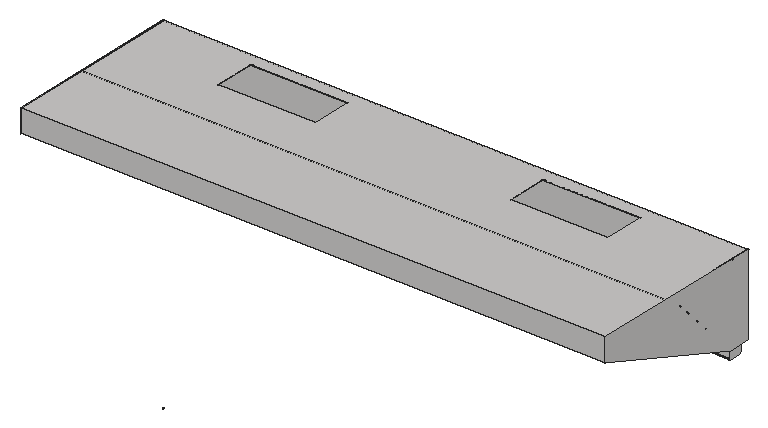
Revit family "QF_ELECTROLUXPROFESSIONAL_642095_MP1136DT", category Specialty Equipment, Revit 2014
Reference planes
  plane 1 "Center (Front/Back)": y = 0
  plane 2: z = 0
  plane 3 "Center (Left/Right)": x = 150
  plane 4 "LEFT": x = -1650
  plane 5 "RIGHT": x = 1950
  plane 6 "BACK": y = 550
  plane 7 "FRONT": y = -550
  plane 8 "Plane": z = 2000
  plane 9 "TOP": z = 2140
  plane 10 "Base": z = 1640
  plane 11: z = 1566
  plane 12 "DrainY": y = 485
  plane 13: x = -1647
  plane 14: through (0, 414.509, 1640.8) normal (0, 0.7314, 0.682)
  plane 15: y = 470
  plane 16: y = 220
  plane 17 "DrainX": x = 1830
  plane 18: x = -450
  plane 19: x = 750
  plane 20: x = -1050
  plane 21: x = 1350
  plane 22: x = 1947
  plane 23: x = 1740
  plane 24: x = 1920
  plane 25: x = -1610
  plane 26: x = -1245
  plane 27: x = -850
  plane 28: x = 1910
  plane 29: x = 1545
  plane 30: x = 1150
  plane 31: x = -47.5
  plane 32: x = 347.5
Forms (mm)
  Extrusion 1, solid, material "QF_Finishes_Stainless Steel"
    sketch origin (-1650, 0, 0) x (0, 1, 0) y (0, 0, 1)
      loop
        line (550, 1640) -> (550, 2140) -> (-550, 2140) -> (-550, 1999.112) -> (413.973, 1640) -> (550, 1640)
    from 0 to 3
  Extrusion 2, solid, material "QF_Finishes_Stainless Steel"
    sketch origin (150, 0, 0) x (0, 1, 0) y (0, 0, 1)
      loop
        line (415.255, 1640) -> (550, 1640) -> (550, 2139.19) -> (549.2, 2139.19) -> (549.2, 1640.8) -> (415.876, 1640.8) -> (339.347, 1722.867) -> (349.609, 1732.436) -> (348.927, 1733.167) -> (337.934, 1722.917) -> (415.255, 1640)
      loop
        line (-82.203, 2139.19) -> (-82.203, 2118.6) -> (-31.047, 2118.6) -> (34.354, 2048.466) -> (46.028, 2059.352) -> (45.346, 2060.083) -> (34.403, 2049.879) -> (-30.612, 2119.6) -> (-81.203, 2119.6) -> (-81.203, 2139.19) -> (-82.203, 2139.19)
    from -1797 to 1797
  Extrusion 3, solid, material "QF_Finishes_Stainless Steel"
    sketch origin (1950, 0, 0) x (0, 1, 0) y (0, 0, 1)
      loop
        line (550, 1640) -> (550, 2140) -> (-550, 2140) -> (-550, 1999.112) -> (413.973, 1640) -> (550, 1640)
    from 0 to -3
  Extrusion 4, solid, material "QF_Finishes_Stainless Steel"
    sketch origin (150, 0, 0) x (0, 1, 0) y (0, 0, 1)
      loop
        line (-550, 2140) -> (-550, 2000) -> (-549.2, 2000) -> (-549.2, 2139.19) -> (550, 2139.19) -> (550, 2140) -> (-550, 2140)
    from -1800 to 1800
  Extrusion 5, solid, material "QF_Finishes_Stainless Steel"
    sketch origin (150, 0, 0) x (0, 1, 0) y (0, 0, 1)
      loop
        line (534, 1640) -> (436, 1640) -> (436, 1627) -> (443.5, 1627) -> (443.5, 1576)
        arc (443.5, 1576) -> (446.429, 1568.929) -> (453.5, 1566) r 10
        line (453.5, 1566) -> (516.5, 1566)
        arc (516.5, 1566) -> (523.571, 1568.929) -> (526.5, 1576) r 10
        line (526.5, 1576) -> (526.5, 1627) -> (534, 1627) -> (534, 1640)
    from 1590 to 1770
  Extrusion 6, solid, material "QF_Finishes_Stainless Steel"
    sketch origin (0, 0, 1640) x (0, 1, 0) y (-1, 0, 0)
      loop
        circle (485, -1830) r 20
    from -76 to -74
  Extrusion 7, solid, material "QF_Finished_Chrome"
    sketch origin (150, 0, 0) x (0, 1, 0) y (0, 0, 1)
      loop
        line (337.934, 1722.917) -> (341.591, 1726.327) -> (38.011, 2051.876) -> (34.354, 2048.466) -> (337.934, 1722.917)
    from -1395 to -1760
  Extrusion 8, solid, material "QF_Finished_Chrome"
    sketch origin (150, 0, 0) x (0, 1, 0) y (0, 0, 1)
      loop
        line (337.934, 1722.917) -> (341.591, 1726.327) -> (38.011, 2051.876) -> (34.354, 2048.466) -> (337.934, 1722.917)
    from -197.5 to -1000
  Extrusion 9, solid, material "QF_Finishes_Stainless Steel"
    sketch origin (150, 0, 0) x (0, 1, 0) y (0, 0, 1)
      loop
        line (337.934, 1722.917) -> (341.591, 1726.327) -> (38.011, 2051.876) -> (34.354, 2048.466) -> (337.934, 1722.917)
    from 1797 to 1760
  Extrusion 10, solid, material "QF_Finishes_Stainless Steel"
    sketch origin (150, 0, 0) x (0, 1, 0) y (0, 0, 1)
      loop
        line (341.588, 1726.324) -> (38.009, 2051.874) -> (34.354, 2048.466) -> (337.934, 1722.917) -> (341.588, 1726.324)
    from -1395 to -1000
  Extrusion 11, solid, material "QF_Finished_Chrome"
    sketch origin (150, 0, 0) x (0, 1, 0) y (0, 0, 1)
      loop
        line (341.588, 1726.324) -> (38.009, 2051.874) -> (34.354, 2048.466) -> (337.934, 1722.917) -> (341.588, 1726.324)
    from 1395 to 1760
  Extrusion 12, void
    sketch origin (0, 0, 2140) x (0, 1, 0) y (-1, 0, 0)
      loop
        line (470, 1050) -> (220, 1050) -> (220, 450) -> (470, 450) -> (470, 1050)
    from 0 to -10
  Extrusion 13, void
    sketch origin (940, 0, 2140) x (0, 1, 0) y (-1, 0, 0)
      loop
        line (470, 190) -> (220, 190) -> (220, -410) -> (470, -410) -> (470, 190)
    from 0 to -10
  Extrusion 14, solid, material "QF_Finishes_Stainless Steel"
    sketch origin (0, 0, 0) x (1, 0, 0) y (0, 1, 0)
      loop
        line (-1650, 550) -> (-1650, 549) -> (-1649, 549) -> (-1649, 550) -> (-1650, 550)
    from 0 to 1
  Extrusion 15, solid, material "QF_Finishes_Stainless Steel"
    sketch origin (150, 0, 0) x (0, 1, 0) y (0, 0, 1)
      loop
        line (337.934, 1722.917) -> (341.591, 1726.327) -> (38.011, 2051.876) -> (34.354, 2048.466) -> (337.934, 1722.917)
    from -1760 to -1797
  Extrusion 16, solid, material "QF_Finishes_Stainless Steel"
    sketch origin (150, 0, 0) x (0, 1, 0) y (0, 0, -1)
      loop
        line (341.588, -1726.324) -> (337.934, -1722.917) -> (34.354, -2048.466) -> (38.009, -2051.874) -> (341.588, -1726.324)
    from -1395 to -1000
  Extrusion 17, solid, material "QF_Finished_Chrome"
    sketch origin (150, 0, 0) x (0, 1, 0) y (0, 0, 1)
      loop
        line (337.934, 1722.917) -> (341.591, 1726.327) -> (38.011, 2051.876) -> (34.354, 2048.466) -> (337.934, 1722.917)
    from 1000 to 197.5
  Extrusion 18, solid, material "QF_Finishes_Stainless Steel"
    sketch origin (150, 0, 0) x (0, 1, 0) y (0, 0, -1)
      loop
        line (341.588, -1726.324) -> (337.934, -1722.917) -> (34.354, -2048.466) -> (38.009, -2051.874) -> (341.588, -1726.324)
    from -197.5 to 197.5
Cuts and joins
  Extrusion 12, Extrusion 13 cuts Extrusion 4
  joined: Extrusion 2, Extrusion 4
Lines and regions (mm)
  reference lines
    curve 1: line (150, 34.354, 2048.466) -> (150, 34.354, 1888.466)
  symbolic lines, style "SpecialityEquipment", detail levels coarse
    curve 2: line (1950, 550, 2140) -> (-1650, 550, 2140)
    curve 3: line (-1650, 550, 2140) -> (-1650, -550, 2140)
    curve 4: line (1950, -550, 2140) -> (1950, 550, 2140)
    curve 5: line (-1650, -550, 2140) -> (1950, -550, 2140)
    curve 6: line (-1050, 220, 2140) -> (-450, 220, 2140)
    curve 7: line (-1050, 470, 2140) -> (-1050, 220, 2140)
    curve 8: line (-450, 470, 2140) -> (-1050, 470, 2140)
    curve 9: line (-450, 220, 2140) -> (-450, 470, 2140)
    curve 10: line (750, 470, 2140) -> (750, 220, 2140)
    curve 11: line (750, 220, 2140) -> (1350, 220, 2140)
    curve 12: line (1350, 470, 2140) -> (750, 470, 2140)
    curve 13: line (1350, 220, 2140) -> (1350, 470, 2140)
    curve 14: line (-1650, -550, 0) -> (1950, 550, 0)
    curve 15: line (1950, -550, 0) -> (-1650, 550, 0)
Dimensions and locks
  plane 4 "LEFT" to plane 5 "RIGHT" = 3600 mm
  equal spacing: plane 4 "LEFT", plane 3 "Center (Left/Right)", plane 5 "RIGHT"
  locked: plane 8 "Plane" to level at 2000
  plane 9 "TOP" to plane 8 "Plane" = 140 mm
  locked: plane 9 "TOP" to plane 10 "Base" at 500
  plane 10 "Base" to plane 11 = 74 mm
  plane 6 "BACK" to plane 12 "DrainY" = 65 mm  (x2)
  plane 4 "LEFT" to plane 13 = 3 mm
  plane 6 "BACK" to plane 15 = 80 mm
  plane 15 to plane 16 = 250 mm  (x2)
  plane 17 "DrainX" to plane 5 "RIGHT" = 120 mm
  locked: plane 18 to plane 19 at 1200
  equal spacing: plane 18, plane 3 "Center (Left/Right)", plane 19
  plane 20 to plane 18 = 600 mm
  plane 19 to plane 21 = 600 mm
  plane 22 to plane 5 "RIGHT" = 3 mm
  locked: plane 23 to plane 17 "DrainX" at 90
  locked: plane 17 "DrainX" to plane 24 at 90
  plane 6 "BACK" to plane 7 "FRONT" = 1100 mm  (x2)
  equal spacing: plane 6 "BACK", plane 1 "Center (Front/Back)", plane 7 "FRONT"
  plane 16 to plane 7 "FRONT" = 770 mm
  plane 15 to plane 6 "BACK" = 80 mm
  locked: plane 4 "LEFT" to plane 25 at 40
  locked: plane 25 to plane 26 at 365
  locked: plane 26 to plane 27 at 395
  locked: plane 28 to plane 29 at 365
  locked: plane 29 to plane 30 at 395
  locked: plane 28 to plane 5 "RIGHT" at 40
  locked: plane 31 to plane 32 at 395
  equal spacing: plane 31, plane 3 "Center (Left/Right)", plane 32
  plane 27 to plane 31 = 802.5 mm
  plane 32 to plane 30 = 802.5 mm
  aligned and locked: level to plane 2
  aligned and locked: Extrusion 2 to Extrusion 1
  aligned and locked: Extrusion 2 to Extrusion 3
  aligned and locked: plane 5 "RIGHT" to Extrusion 4
  aligned and locked: Extrusion 4 to plane 4 "LEFT"
  aligned and locked: plane 22 to Extrusion 9
  aligned and locked: plane 20 to Extrusion 12
  aligned and locked: Extrusion 12 to plane 18
  aligned and locked: Extrusion 12 to plane 16
  aligned and locked: Extrusion 12 to plane 15
  aligned and locked: Extrusion 13 to plane 21
  aligned and locked: plane 19 to Extrusion 13
  aligned and locked: Extrusion 2 to Extrusion 4
  aligned and locked: plane 24 to Extrusion 5
  aligned and locked: Extrusion 5 to plane 23
  aligned and locked: Extrusion 9 to plane 28
  aligned and locked: Extrusion 11 to plane 28
  aligned and locked: Extrusion 11 to plane 29
  aligned and locked: Extrusion 8 to plane 27
  aligned and locked: plane 27 to Extrusion 10
  aligned and locked: Extrusion 10 to plane 26
  aligned and locked: plane 26 to Extrusion 7
  aligned and locked: Extrusion 7 to plane 25
  aligned and locked: Extrusion 15 to plane 13
  aligned and locked: plane 25 to Extrusion 15
  aligned and locked: Extrusion 16 to plane 30
  aligned and locked: Extrusion 16 to plane 29
  aligned and locked: Extrusion 3 to plane 22
  aligned and locked: plane 31 to Extrusion 8
  aligned and locked: Extrusion 17 to plane 30
  aligned and locked: Extrusion 17 to plane 32
  aligned and locked: plane 32 to Extrusion 18
  aligned and locked: Extrusion 18 to plane 31
Automatic sketch dimensions
  curve 5 to plane 4 "LEFT" = 0 mm
  curve 5 to plane 7 "FRONT" = 0 mm
  curve 9 to plane 16 = 0 mm
  curve 10 to plane 16 = 0 mm
  plane 15 to curve 8 = 0 mm
  plane 15 to curve 12 = 0 mm
  curve 3 to plane 6 "BACK" = 0 mm
  curve 5 to plane 5 "RIGHT" = 0 mm
  curve 11 to plane 21 = 0 mm
  curve 10 to plane 19 = 0 mm
  curve 6 to plane 18 = 0 mm
  curve 6 to plane 20 = 0 mm
  Extrusion 1 sketch curve to plane 7 "FRONT" = 0 mm
  Extrusion 1 sketch curve to plane 10 "Base" = 0 mm
  Extrusion 1 sketch curve to plane 6 "BACK" = 0 mm
  Extrusion 1 sketch curve to plane 9 "TOP" = 0 mm
  plane 15 to Extrusion 1 sketch curve = 56.027 mm
  Extrusion 1 sketch curve to plane 8 "Plane" = 0.888 mm
  Extrusion 2 sketch curve to plane 14 = 0 mm  (x3)
  Extrusion 2 sketch curve to plane 10 "Base" = 0 mm
  plane 14 to Extrusion 2 sketch curve = 0 mm
  Extrusion 2 sketch curve to plane 6 "BACK" = 0 mm
  Extrusion 2 sketch curve to Extrusion 2 sketch curve = 65.646 mm
  Extrusion 2 sketch curve to Extrusion 2 sketch curve = 0.682 mm  (x2)
  Extrusion 2 sketch curve to Extrusion 2 sketch curve = 10.261 mm
  plane 10 "Base" to Extrusion 2 sketch curve = 82.917 mm
  Extrusion 2 sketch curve to plane 1 "Center (Front/Back)" = 46.028 mm
  Extrusion 2 sketch curve to Extrusion 2 sketch curve = 10.942 mm
  Extrusion 2 sketch curve to Extrusion 2 sketch curve = 0.049 mm
  Extrusion 2 sketch curve to plane 9 "TOP" = 20.4 mm
  Extrusion 2 sketch curve to plane 9 "TOP" = 21.4 mm
  Extrusion 2 sketch curve to plane 9 "TOP" = 0.81 mm  (x2)
  Extrusion 2 sketch curve to Extrusion 2 sketch curve = 50.156 mm
  Extrusion 2 sketch curve to Extrusion 2 sketch curve = 1 mm
  plane 10 "Base" to Extrusion 2 sketch curve = 0.8 mm
  Extrusion 2 sketch curve to plane 6 "BACK" = 0.8 mm
  Extrusion 3 sketch curve to plane 7 "FRONT" = 0 mm
  Extrusion 3 sketch curve to plane 10 "Base" = 0 mm
  Extrusion 3 sketch curve to plane 6 "BACK" = 0 mm
  Extrusion 3 sketch curve to plane 9 "TOP" = 0 mm
  plane 15 to Extrusion 3 sketch curve = 56.027 mm
  Extrusion 3 sketch curve to plane 8 "Plane" = 0.888 mm
  Extrusion 4 sketch curve to plane 7 "FRONT" = 0 mm
  Extrusion 4 sketch curve to plane 8 "Plane" = 0 mm
  Extrusion 4 sketch curve to plane 6 "BACK" = 0 mm
  Extrusion 4 sketch curve to plane 9 "TOP" = 0 mm
  plane 7 "FRONT" to Extrusion 4 sketch curve = 0.8 mm
  Extrusion 4 sketch curve to plane 9 "TOP" = 0.81 mm
  curve 1 to plane 14 = 0 mm
  curve 1 to plane 1 "Center (Front/Back)" = 34.354 mm
  curve 1 to plane 8 "Plane" = 111.534 mm
  Extrusion 5 sketch curve to plane 10 "Base" = 0 mm
  Extrusion 5 sketch curve to plane 11 = 0 mm
  Extrusion 5 sketch curve to plane 10 "Base" = 13 mm  (x2)
  plane 15 to Extrusion 5 sketch curve = 34 mm
  Extrusion 5 sketch curve to Extrusion 5 sketch curve = 7.5 mm  (x2)
  Extrusion 5 sketch curve to Extrusion 5 sketch curve = 10 mm
  plane 12 "DrainY" to Extrusion 5 sketch curve = 31.5 mm
  Extrusion 5 sketch curve to plane 6 "BACK" = 23.5 mm
  Extrusion 6 sketch curve to plane 12 "DrainY" = 0 mm
  Extrusion 6 sketch curve to plane 17 "DrainX" = 0 mm
  Extrusion 7 sketch curve to plane 14 = 0 mm  (x2)
  Extrusion 7 sketch curve to plane 1 "Center (Front/Back)" = 34.354 mm
  Extrusion 7 sketch curve to Extrusion 7 sketch curve = 3.657 mm
  plane 10 "Base" to Extrusion 7 sketch curve = 82.917 mm
  Extrusion 8 sketch curve to plane 14 = 0 mm  (x2)
  Extrusion 8 sketch curve to plane 1 "Center (Front/Back)" = 34.354 mm
  Extrusion 8 sketch curve to Extrusion 8 sketch curve = 3.657 mm
  plane 10 "Base" to Extrusion 8 sketch curve = 82.917 mm
  Extrusion 9 sketch curve to plane 14 = 0 mm  (x2)
  Extrusion 9 sketch curve to plane 1 "Center (Front/Back)" = 34.354 mm
  Extrusion 9 sketch curve to Extrusion 9 sketch curve = 3.657 mm
  plane 10 "Base" to Extrusion 9 sketch curve = 82.917 mm
  Extrusion 10 sketch curve to plane 14 = 0 mm  (x2)
  Extrusion 10 sketch curve to plane 1 "Center (Front/Back)" = 34.354 mm
  Extrusion 10 sketch curve to Extrusion 10 sketch curve = 3.655 mm
  plane 10 "Base" to Extrusion 10 sketch curve = 82.917 mm
  Extrusion 11 sketch curve to plane 14 = 0 mm  (x2)
  Extrusion 11 sketch curve to plane 1 "Center (Front/Back)" = 34.354 mm
  Extrusion 11 sketch curve to Extrusion 11 sketch curve = 3.655 mm
  plane 10 "Base" to Extrusion 11 sketch curve = 82.917 mm
  Extrusion 12 sketch curve to plane 16 = 0 mm
  plane 15 to Extrusion 12 sketch curve = 0 mm
  Extrusion 12 sketch curve to plane 18 = 0 mm
  Extrusion 12 sketch curve to plane 20 = 0 mm
  Extrusion 13 sketch curve to plane 16 = 0 mm
  plane 15 to Extrusion 13 sketch curve = 0 mm
  Extrusion 13 sketch curve to plane 21 = 0 mm
  Extrusion 13 sketch curve to plane 19 = 0 mm
  Extrusion 14 sketch curve to plane 4 "LEFT" = 0 mm
  Extrusion 14 sketch curve to plane 6 "BACK" = 0 mm
  plane 4 "LEFT" to Extrusion 14 sketch curve = 1 mm
  Extrusion 14 sketch curve to Extrusion 14 sketch curve = 1 mm
  Extrusion 15 sketch curve to plane 14 = 0 mm  (x2)
  Extrusion 15 sketch curve to plane 1 "Center (Front/Back)" = 34.354 mm
  Extrusion 15 sketch curve to Extrusion 15 sketch curve = 3.657 mm
  plane 10 "Base" to Extrusion 15 sketch curve = 82.917 mm
  Extrusion 16 sketch curve to plane 14 = 0 mm  (x2)
  Extrusion 16 sketch curve to plane 1 "Center (Front/Back)" = 34.354 mm
  Extrusion 16 sketch curve to Extrusion 16 sketch curve = 3.655 mm
  plane 10 "Base" to Extrusion 16 sketch curve = 82.917 mm
  Extrusion 17 sketch curve to plane 14 = 0 mm  (x2)
  Extrusion 17 sketch curve to plane 1 "Center (Front/Back)" = 34.354 mm
  Extrusion 17 sketch curve to Extrusion 17 sketch curve = 3.657 mm
  plane 10 "Base" to Extrusion 17 sketch curve = 82.917 mm
  Extrusion 18 sketch curve to plane 14 = 0 mm  (x2)
  Extrusion 18 sketch curve to plane 1 "Center (Front/Back)" = 34.354 mm
  Extrusion 18 sketch curve to Extrusion 18 sketch curve = 3.655 mm
  plane 10 "Base" to Extrusion 18 sketch curve = 82.917 mm
  curve 15 to plane 4 "LEFT" = 0 mm
  curve 14 to plane 4 "LEFT" = 0 mm
  curve 15 to plane 5 "RIGHT" = 0 mm
  curve 14 to plane 5 "RIGHT" = 0 mm
  curve 15 to plane 7 "FRONT" = 0 mm
  curve 14 to plane 7 "FRONT" = 0 mm
  curve 15 to plane 6 "BACK" = 0 mm
  curve 14 to plane 6 "BACK" = 0 mm
  radius of Extrusion 6 sketch curve = 20 mm
Connectors
  piping at (1830, 485, 1564), diameter 20
    settings: on Extrusion 6, index 1, connector inside diameter 609.6 mm, connector length 0 mm, flow factor 0, pipe flow 0.0 L/s, pressure drop 0.0 Pa, fitting loss kfactor 0, connector angle 0.00°, fixture units 0, engagement length 0 mm, angle of deflection 0.00°, flow configuration 1, flow direction 2, fitting loss method 0, system type 16, joint type 0, gender type 0, connector reference index -1, connector utility 0, adjustable connector no, is connector primary yes, connector description "Drain"
  hvac at (-750, 345, 2140)
    settings: on Extrusion 12, index 2, duct flow 0.0 L/s, flow factor 0, pres drop 0.0 Pa, loss coef 0, conn angle 0.00°, conn width 250 mm, conn height 600 mm, conn diameter 609.6 mm, duct sys type 3, conn prof type 1, flow config 1, flow direction 0, loss method 0, conn ref index -1, conn util no, is conn primary yes, conn desc "EXHAUST OUTLET"
  hvac at (1050, 345, 2140)
    settings: on Extrusion 13, index 3, duct flow 0.0 L/s, flow factor 0, pres drop 0.0 Pa, loss coef 0, conn angle 0.00°, conn width 250 mm, conn height 600 mm, conn diameter 609.6 mm, duct sys type 3, conn prof type 1, flow config 1, flow direction 0, loss method 0, conn ref index -1, conn util no, is conn primary no, conn desc "EXHAUST OUTLET"
